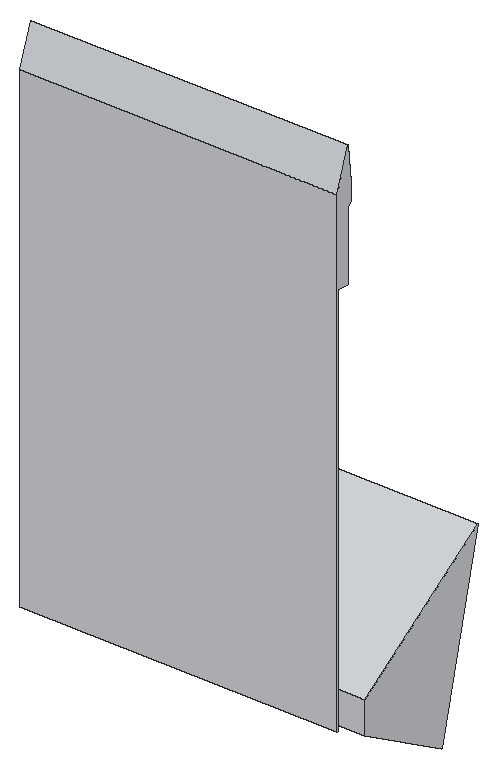
Revit family "TEST NEST FAMILY 1", category Curtain Panels, Revit 2021
Family settings
  OmniClass Number = 23.25.20.14.11.11.17
  OmniClass Title = Infill Panels
  Always vertical = Yes
  Cut with Voids When Loaded = No
  Shared = No
Parameters (values of type "TYPE 1")
  Total Height = 14' - 0"
  Right = yes
  Panel Length = 9' - 2"
  Material = none
  Left = no
  Define Thermal Properties by = Schematic Type
  Curtain Panel Type = "PM-V"
  Construction Type = ""
  Analytic Construction = "<None>"
Reference planes (in)
  plane 1 "Center (Front/Back)": y = 0
  plane 2: z = 0
  plane 3 "Center (Left/Right)": x = -2
  plane 4 "Left": x = -44
  plane 5 "Right": x = 40
  plane 6 "Top": z = 168
  plane 7 "Anchor": y = -2.5
Text (in)
  text "Exterior" at (-92.59733, 55.75508, 0), in view "Ref. Level"
  text "Exterior" at (0, 90.18664, 173.49264), in view "Left"
  text "Exterior" at (0, 52.29083, 162.21847), in view "Right"
Dimensions and locks (in)
  plane 6 "Top" to level = 14' - 0"  (x4)
  plane 2 to plane 6 "Top" = 14' - 0"
  locked: plane 7 "Anchor" to plane 1 "Center (Front/Back)" at 2.5
  plane 4 "Left" to plane 5 "Right" = 7' - 0"
  equal spacing: plane 4 "Left", plane 3 "Center (Left/Right)", plane 5 "Right"
  aligned and locked: level to plane 2
  aligned and locked: nested 1 to plane 4 "Left"
  aligned and locked: plane 1 "Center (Front/Back)" to nested 2
  aligned and locked: nested 1 to plane 1 "Center (Front/Back)"
Nested families (in)
  nested 1: "TEST GENERIC FAMILY 1" at (-44, -9, 0), Length <- "Panel Length", Material <- "Material", Panel Total Height <- "Total Height", visible <- "Left", type "TEST GENERIC FAMILY 1"
    with Panel Total Height 14' - 0", Material none, Length 9' - 2"
  nested 2: "TEST GENERIC FAMILY 1" at (40, -9, 0) x (-1, 0, 0) z (0, 0, 1), Length <- "Panel Length", Material <- "Material", Panel Total Height <- "Total Height", visible <- "Right", type "TEST GENERIC FAMILY 1"
    with Panel Total Height 14' - 0", Material none, Length 9' - 2"
Definition of nested family "TEST GENERIC FAMILY 1"
  Parameters (values of type "TEST GENERIC FAMILY 1")
    xps insulation thickness = 0' - 6"
    uhpc rib width = 0' - 3.78667"
    uhpc rib thickness = 0' - 1.98667"
    uhpc back panel thickness = 0' - 1"
    uhpc = none
    face panel thickness = 0' - 3"
    face panel rib width = 0' - 1.77333"
    air gap thickness = 0' - 2"
    aggregate = none
    Material [instance] = none
    Length [instance] = 7' - 4"
    Panel Total Height [instance] = 6' - 6.74016"
    Default Elevation = 0' - 0"
  Reference planes (in)
    plane 1 "Model reference (front)": y = 0
    plane 2: z = 0
    plane 3 "Center (Left/Right)": x = 0
    plane 4: x = 88
    plane 5: x = 44
    plane 6: z = 78.74016
    plane 7: z = 6
    plane 8: z = 70.24016
    plane 9 "Center (Front/Back)": y = 9
    plane 10: y = 7
    plane 11: y = 6
    plane 12: y = 0
    plane 13: y = -3
    plane 14: z = 4.82667
    plane 15: z = 73.77959
  Forms (in)
    Extrusion 1, solid
      sketch origin (0, -1.4252, 467.25197) x (0, 1, 0) y (0, 0, 1)
        loop
          line (1.4252, -397.51181) -> (4.4252, -394.51181) -> (4.4252, -388.51181) -> (3.1814, -376.07385) -> (-1.5748, -389.51181) -> (-1.5748, -467.25197) -> (43.90542, -492.46207) -> (59.63034, -429.39285) -> (3.19853, -467.45659) -> (3.19853, -462.4253) -> (1.4252, -462.4253) -> (1.4252, -397.51181)
      from 0 to 88 <- "Length"
    Extrusion 2, solid
      sketch origin (-5.36424, -1.35099, 0) x (1, 0, 0) y (0, 1, 0)
        loop
          line (10.68874, 3.12433) -> (5.36424, 3.12433) -> (5.36424, 1.35099) -> (10.68874, 1.35099) -> (10.68874, 3.12433)
      from 4.82667 to 73.77959
    Extrusion 3, void
      sketch origin (0, -3, 0) x (1, 0, 0) y (0, 1, 0)
        loop
          line (11.34437, 12) -> (0, 12) -> (0, 0.65563) -> (11.34437, 12)
      from -18.19044 to 136.95282
  Cuts and joins
    Extrusion 3 cuts Extrusion 1
    Extrusion 3 cuts Extrusion 2
    joined: Extrusion 1, Extrusion 2
  Dimensions and locks (in)
    "Length": plane 3 "Center (Left/Right)" to plane 4
    equal spacing: plane 3 "Center (Left/Right)", plane 5, plane 4
    "Panel Total Height": plane 6 to level
    locked: level to plane 7 at 6
    locked: plane 6 to plane 8 at 8.5
    "air gap thickness": plane 9 "Center (Front/Back)" to plane 10
    "uhpc back panel thickness": plane 10 to plane 11
    "xps insulation thickness": plane 11 to plane 12
    "face panel thickness": plane 12 to plane 13
    locked: plane 6 to plane 15 at 4.96057
    aligned and locked: level to plane 2
    aligned and locked: Extrusion 1 to plane 3 "Center (Left/Right)"
    aligned and locked: plane 3 "Center (Left/Right)" to Extrusion 1
    aligned and locked: plane 4 to Extrusion 1
    aligned and locked: Extrusion 1 to plane 4
    aligned and locked: Extrusion 1 to Extrusion 2
    aligned and locked: cut or joined group of Extrusion 1, Extrusion 2, Extrusion 3 to cut or joined group of Extrusion 1, Extrusion 2, Extrusion 3
    aligned and locked: plane 14 to cut or joined group of Extrusion 1, Extrusion 2, Extrusion 3
    aligned and locked: plane 15 to cut or joined group of Extrusion 1, Extrusion 2, Extrusion 3
  Automatic sketch dimensions
    plane 1 "Model reference (front)" to Extrusion 2 sketch curve = 0' - 0"
    Extrusion 2 sketch curve to plane 11 = 0' - 4.22667"
    plane 3 "Center (Left/Right)" to Extrusion 2 sketch curve = 0' - 0"
    Extrusion 2 sketch curve to Extrusion 2 sketch curve = 0' - 5.3245"
    Extrusion 3 sketch curve to plane 3 "Center (Left/Right)" = 0' - 0"
    Extrusion 3 sketch curve to plane 9 "Center (Front/Back)" = 0' - 0"
    plane 3 "Center (Left/Right)" to Extrusion 3 sketch curve = 0' - 11.34437"
    plane 13 to Extrusion 3 sketch curve = 0' - 0.65563"
    Extrusion 1 sketch curve to plane 13 = 0' - 0"
    Extrusion 1 sketch curve to plane 1 "Model reference (front)" = 0' - 0"
    Extrusion 1 sketch curve to plane 14 = 0' - 0"
    Extrusion 1 sketch curve to plane 6 = 0' - 0"
    Extrusion 1 sketch curve to level = 0' - 0"
    Extrusion 1 sketch curve to plane 1 "Model reference (front)" = 0' - 1.7562"
    Extrusion 1 sketch curve to plane 1 "Model reference (front)" = 0' - 1.77333"
    Extrusion 1 sketch curve to plane 15 = 0' - 1.03943"
    Extrusion 1 sketch curve to plane 1 "Model reference (front)" = 0' - 3"
    plane 9 "Center (Front/Back)" to Extrusion 1 sketch curve = 2' - 9.48022"
    Extrusion 1 sketch curve to level = 2' - 1.2101"
    Extrusion 1 sketch curve to plane 8 = 0' - 0 1/2"
    Extrusion 1 sketch curve to plane 6 = 0' - 1"
    plane 6 to Extrusion 1 sketch curve = 1' - 0.43796"
    Extrusion 1 sketch curve to level = 0' - 0.20462"
    plane 9 "Center (Front/Back)" to Extrusion 1 sketch curve = 4' - 1.20515"
    Extrusion 1 sketch curve to plane 7 = 2' - 7.85912"
